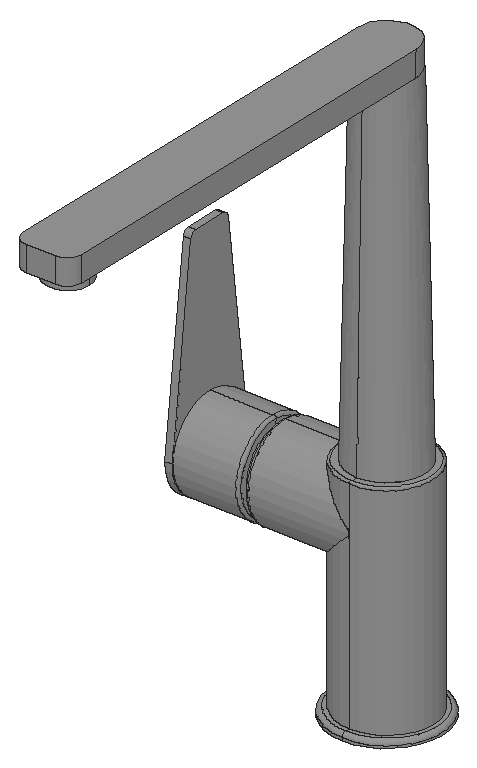
Revit family "COCINA KEOPS", category Plumbing Fixtures, Revit 2019
Family settings
  Round Connector Dimension = Use Diameter
  Part Type = Normal
  OmniClass Number = 23.45.00.00
  OmniClass Title = Sanitary, Laundry, and Cleaning Equipment
  Work Plane-Based = No
  Always vertical = Yes
  Cut with Voids When Loaded = No
  Shared = No
  Room Calculation Point = No
Reference planes
  plane 1 "Center (Front/Back)": y = 0
  plane 2: z = 0
  plane 3 "Center (Left/Right)": x = 0
Forms (mm)
  Revolve 1, solid
    sketch origin (0, 0, 0) x (0, 1, 0) y (0, 0, 1)
      loop
        line (0, 0) -> (25, 0) -> (25, 1.071)
        arc (25, 1.071) -> (24.435, 2.435) -> (23.071, 3) r 1.929
        line (23.071, 3) -> (21, 3) -> (21, 101.982)
        arc (21, 101.982) -> (20.702, 102.702) -> (19.982, 103) r 1.018
        line (19.982, 103) -> (17, 103) -> (13.266, 261.716) -> (0, 261.716) -> (0, 0)
      axis (0, 0) -> (0, 261.716)
    angle from 0 to 360
  Extrusion 2, solid
    sketch origin (0, 0, 0) x (1, 0, 0) y (0, 1, 0)
      loop
        line (-6.412, -195) -> (6.416, -195)
        arc (6.416, -195) -> (11.071, -193.071) -> (13, -188.416) r 6.584
        line (13, -188.416) -> (13, 0.245)
        arc (13, 0.245) -> (0, 13.245) -> (-13, 0.245) r 13
        line (-13, 0.245) -> (-13, -188.412)
        arc (-13, -188.412) -> (-11.07, -193.07) -> (-6.412, -195) r 6.588
    from 261.647 to 273
  Extrusion 3, solid
    sketch origin (0, 0, 0) x (1, 0, 0) y (0, 1, 0)
      loop
        circle (0.002, -180) r 10
    from 255.921 to 261.716
  Revolve 4, solid
    sketch origin (0, 0, 0) x (-1, 0, 0) y (0, 0, 1)
      loop
        arc (47, 101.72) -> (46.625, 102.625) -> (45.72, 103) r 1.28
        line (45.72, 103) -> (0.259, 103) -> (0.259, 82) -> (80, 82) -> (80, 103) -> (51.325, 103)
        arc (51.325, 103) -> (50.388, 102.612) -> (50, 101.675) r 1.325
        line (50, 101.675) -> (50, 98.554)
        arc (50, 98.554) -> (48.814, 99.965) -> (47, 100.286) r 2.7
        line (47, 100.286) -> (47, 101.72)
      axis (0.259, 82) -> (80, 82)
    angle from 0 to 360
  Extrusion 5, solid
    sketch origin (0, 0, 0) x (0, 1, 0) y (0, 0, 1)
      loop
        line (21, 82) -> (10.366, 168.604)
        arc (10.366, 168.604) -> (9.466, 170.315) -> (7.658, 171) r 2.729
        line (7.658, 171) -> (-7.693, 171)
        arc (-7.693, 171) -> (-9.475, 170.325) -> (-10.362, 168.638) r 2.69
        line (-10.362, 168.638) -> (-21, 82)
        arc (-21, 82) -> (0, 61) -> (21, 82) r 21
    from -83.361 to -80
Dimensions and locks
  aligned and locked: level to plane 2
